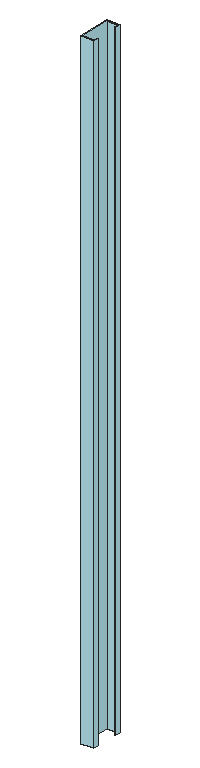
Revit family "hokyozai_50", category 機械設備, Revit 2022
Family settings
  丸型コネクタ寸法 = 直径を使用
  種別 = なし
  パーツ タイプ = 標準
  作業面ベース = いいえ
  常に垂直 = はい
  ロード時にボイドで切り取り = いいえ
  注釈の向きを維持 = いいえ
  共有 = いいえ
  部屋計算ポイント = いいえ
Parameters
  製造元 = "株式会社桐井製作所"
  既定の高さ = 0 mm
  URL = "https://www.kirii.co.jp/"
  K_長さ(mm) [instance] = 1000 mm
  K_材質 = "SGCC一般用・SGC340~570高強度一般用・SGH340~570高強度一般用"
  K_外形寸法(mm) = "50×20×7"
  K_品名 = "50補強材"
  K_名称 = "補強材"
  K_バージョン情報 = "20210524"
  K_めっき付着量 = "Z08"
  K_JIS規格 = "JIS G 3302"
Reference planes
  plane 1 "中心(正面/背面)": y = 0
  plane 2: z = 0
  plane 3 "中心(左/右)": x = 0
  plane 4: z = 1000
  plane 5: y = 50
Forms (mm)
  Extrusion 1, solid
    sketch origin (0, 0, 0) x (1, 0, 0) y (0, 1, 0)
      loop
        line (0, 0) -> (20, 0) -> (20, 7) -> (18.8, 7) -> (18.8, 1.2) -> (1.2, 1.2) -> (1.2, 48.8) -> (18.8, 48.8) -> (18.8, 43) -> (20, 43) -> (20, 50) -> (0, 50) -> (0, 0)
    from 0 to 1000
Dimensions and locks
  "K_長さ(mm)": plane 4 to plane 2
  aligned and locked: level to plane 2
  aligned and locked: plane 4 to Extrusion 1
Automatic sketch dimensions
  Extrusion 1 sketch curve to plane 3 "中心(左/右)" = 0 mm
  plane 1 "中心(正面/背面)" to Extrusion 1 sketch curve = 0 mm
  Extrusion 1 sketch curve to plane 5 = 0 mm
  plane 3 "中心(左/右)" to Extrusion 1 sketch curve = 1.2 mm
  Extrusion 1 sketch curve to plane 1 "中心(正面/背面)" = 7 mm
  Extrusion 1 sketch curve to Extrusion 1 sketch curve = 17.6 mm  (x2)
  Extrusion 1 sketch curve to plane 5 = 1.2 mm
  Extrusion 1 sketch curve to Extrusion 1 sketch curve = 1.2 mm  (x2)
  Extrusion 1 sketch curve to plane 1 "中心(正面/背面)" = 1.2 mm
  Extrusion 1 sketch curve to Extrusion 1 sketch curve = 5.8 mm
